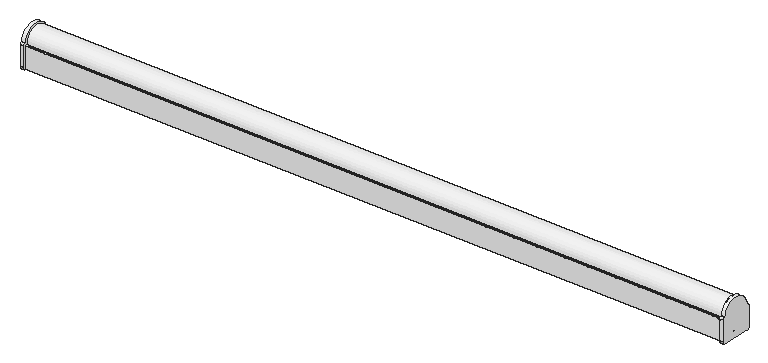
Revit family "0045175 Feilo Sylvania Lighting Fixture SYLBATTEN LED8 NW TP3", category Lighting Fixtures, host Face, Revit 2017
Family settings
  Host = Face
  Round Connector Dimension = Use Diameter
  Part Type = Normal
  OmniClass Number = 23.80.70.00
  OmniClass Title = Lighting
  Cut with Voids When Loaded = No
  Light Source = Yes
  Shared = No
  Room Calculation Point = No
Parameters (values of type "0045175 SYLBATTEN LED8 NW TP3")
  Width_FEILO = 66 mm
  Weight = "3.07 kg"
  Wattage Comments = "n/a"
  Wattage = 79 W
  WarrantyStartDate [instance] = "n/a"
  WarrantyGuarantorParts = "n/a"
  WarrantyDurationUnit = "n/a"
  WarrantyDurationParts = "n/a"
  WarrantyDescription = "n/a"
  built-in parameter 1150110 = 1 (stored number, unit not read)
  Voltage = 230 V
  URL = "http://www.sylvania-lighting.com"
  TypeName = "SYLBATTEN LED8 NW TP3"
  Type Image = <None>
  Type Comments = "n/a"
  built-in parameter 1114217 = 1 (stored number, unit not read)
  Tilt Angle = -90.00°
  built-in parameter 1150109 = 1 (stored number, unit not read)
  built-in parameter 1150134 = 12
  SymReflector_FEILO = no
  built-in parameter 1150113 = 1 (stored number, unit not read)
  SerialNumber [instance] = "n/a"
  PowerFactor = 0
  PowerConsumption = "79 W"
  Photometric Web File = "0045175.ies"
  NominalLength = 1505 mm
  NominalHeight = 76 mm
  NominalDepth = 66 mm
  Name = "SYLBATTEN LED8 NW TP3"
  ModelReference = Name  # "SYLBATTEN LED8 NW TP3"
  ModelNumber = "0045175"
  Model = Name  # "SYLBATTEN LED8 NW TP3"
  Material_4_FEILO = Reflector-Sylvania-Sylbatten-White
  Material_3_FEILO = Diffuser-Sylvania-Sylbatten-Glow
  Material_2_FEILO = Body-Sylvania-Sylbatten-White
  Material_1_FEILO = Body-Sylvania-Sylbatten-White
  Material = "sheet steel housing, polycarbonate diffuser"
  ManufacturerName = "Feilo Sylvania"
  Manufacturer = "Feilo Sylvania"
  LuminousEfficacy = "105.6 lm/W"
  built-in parameter 1150105 = 664.31 (stored number, unit not read)
  Lumens = 8347.93 lm
  LuminaireType = ""
  built-in parameter 1150115 = 1 (stored number, unit not read)
  LightOutputRatio = "100"
  built-in parameter 1150137 = (empty or 0)
  built-in parameter 1150139 = (empty or 0)
  Length_FEILO = 1505 mm
  LampsType = Lamp  # "LED"
  LampNominalLuminous = "8348 lm"
  LampMacAdamStep = "n/a"
  LampColourTemperature = "4000 K"
  LampColourRenderingIndex = "80"
  built-in parameter 1150112 = 1 (stored number, unit not read)
  built-in parameter 1150114 = 1 (stored number, unit not read)
  Lamp = "LED"
  Keynote = "16500"
  InstallationDate [instance] = "n/a"
  InputVoltage = "220-240V~"
  InputNominalFrequency = "n/a"
  built-in parameter 1150132 = (empty or 0)
  built-in parameter 1150102 = (empty or 0)
  built-in parameter 1150107 = 4000 (stored number, unit not read)
  built-in parameter 1150138 = (empty or 0)
  IngressProtection = "IP20"
  ImpactProtectionIndex = "IK07"
  built-in parameter 1150106 = 6.6431 (stored number, unit not read)
  IfcExportType = "IfcLightFixtureType"
  IfcExportAs = "IfcLightFixtureType"
  Height_FEILO = 76 mm
  ExpectedLife = 50000
  Emit from Rectangle Width = Length_FEILO - 16 mm  # 1489 mm
  Emit from Rectangle Length = Width_FEILO - 40 mm  # 26 mm
  Emit Shape Visible in Rendering = no
  ElectricShockClassification = "Class I"
  built-in parameter 1150104 = 9.8171 (stored number, unit not read)
  DurationUnit = "hours"
  DocumentationLiterature = "http://www.sylvania-lighting.com/product/en-int/products/0045175"
  DimmingControlOptions = "n/a"
  Dimming Lamp Color Temperature Shift = <None>
  Description = "LED batten, T8 replacement, ease of installation through 2 part push-in design of the housing (safety cable included), through wiring capability (TP3 = 3 core), sheet steel, 8348M, 79W, 106lm/W, 4000K, drive current: 450mA, CRI 80, 138° wide beam angle, electronic driver (non dimmable), IP20, IK07, 50,000 hrs (L70), (LxWxH) 1505x66x76mm, 5 step MacAdam ellipse, 3.7kg, white RAL9016, Class 1, 220-240V, energy class: A++, A+, A."
  Default Elevation = 1219.2 mm
  CreatedOn = "1/25/2018"
  CreatedBy = ""
  Cost = 0
  Color Filter = 16777215
  built-in parameter 1114216 [instance] = (empty or 0)
  ClassificationValue = "EF_70_80"
  ClassificationName = "Uniclass2015"
  CapOffset_FEILO = 2 mm
  BarCode [instance] = "n/a"
  built-in parameter 1114218 = 1 (stored number, unit not read)
  BackReflector_FEILO = and(not(AsymReflector_FEILO), SymReflector_FEILO)  # no
  built-in parameter 1150133 = 10 (stored number, unit not read)
  FrontReflector_FEILO = or(AsymReflector_FEILO, SymReflector_FEILO)  # no
  AsymReflector_FEILO = no
  AssetType = "Fixed"
  AssetIdentifier [instance] = "n/a"
  Assembly Code = "D5020200"
  Apparent Load = 79 VA
Reference planes
  plane 1 "Center (Front/Back)": y = 0
  plane 2: z = 0
  plane 3 "Center (Left/Right)": x = 0
  plane 4: x = 752.5
  plane 5: x = -752.5
  plane 6: y = 33
  plane 7: y = -33
  plane 8: z = 76
  plane 9: z = 47
  plane 10: y = -29
  plane 11: y = 29
  plane 12: z = 20
  plane 13: z = 74
  plane 14: y = -31
  plane 15: y = -27
  plane 16: y = 27
  plane 17: y = 31
  plane 18: z = 2
  plane 19: x = -744.5
  plane 20: x = 744.5
  plane 21: z = 49
  plane 22: y = 1
  plane 23: y = -1
  plane 24: z = 21
  plane 25: z = 19
  plane 26: y = -61
  plane 27: y = 61
  plane 28: y = -56
  plane 29: y = 56
  plane 30: z = 91
  plane 31: z = 88
Forms (mm)
  Extrusion 1, solid, material "Body-Sylvania-Sylbatten-White" <- "Material_2_FEILO"
    sketch origin (0, 0, 0) x (0, 1, 0) y (0, 0, 1)
      loop
        line (-31, 2) -> (31, 2) -> (31, 45)
        arc (31, 45) -> (30.414, 46.414) -> (29, 47) r 2
        line (29, 47) -> (27, 47)
        arc (27, 47) -> (0, 74) -> (-27, 47) r 27
        line (-27, 47) -> (-29, 47)
        arc (-29, 47) -> (-30.414, 46.414) -> (-31, 45) r 2
        line (-31, 45) -> (-31, 2)
    from -744.5 to 744.5
  Extrusion 2, solid, material "Body-Sylvania-Sylbatten-White" <- "Material_2_FEILO"
    sketch origin (752.5, 1524, 1219.2) x (0, 1, 0) y (0, 0, 1)
      loop
        arc (-1494, -1219.2) -> (-1491.879, -1218.321) -> (-1491, -1216.2) r 3
        line (-1491, -1216.2) -> (-1491, -1173.2)
        arc (-1491, -1173.2) -> (-1491.879, -1171.079) -> (-1494, -1170.2) r 3
        line (-1494, -1170.2) -> (-1495.069, -1170.2)
        arc (-1495.069, -1170.2) -> (-1524, -1143.2) -> (-1552.931, -1170.2) r 29
        line (-1552.931, -1170.2) -> (-1554, -1170.2)
        arc (-1554, -1170.2) -> (-1556.121, -1171.079) -> (-1557, -1173.2) r 3
        line (-1557, -1173.2) -> (-1557, -1216.2)
        arc (-1557, -1216.2) -> (-1556.121, -1218.321) -> (-1554, -1219.2) r 3
        line (-1554, -1219.2) -> (-1494, -1219.2)
      loop
        arc (-1525, -1189.25) -> (-1531.071, -1192.129) -> (-1533.95, -1198.2) r 10
        line (-1533.95, -1198.2) -> (-1532.944, -1198.2)
        arc (-1532.944, -1198.2) -> (-1530.364, -1192.836) -> (-1525, -1190.256) r 9
        line (-1525, -1190.256) -> (-1525, -1189.25)
      loop
        arc (-1523, -1190.256) -> (-1517.636, -1192.836) -> (-1515.056, -1198.2) r 9
        line (-1515.056, -1198.2) -> (-1514.05, -1198.2)
        arc (-1514.05, -1198.2) -> (-1516.929, -1192.129) -> (-1523, -1189.25) r 10
        line (-1523, -1189.25) -> (-1523, -1190.256)
      loop
        line (-1532.944, -1200.2) -> (-1533.95, -1200.2)
        arc (-1533.95, -1200.2) -> (-1531.071, -1206.271) -> (-1525, -1209.15) r 10
        line (-1525, -1209.15) -> (-1525, -1208.144)
        arc (-1525, -1208.144) -> (-1530.364, -1205.564) -> (-1532.944, -1200.2) r 9
      loop
        arc (-1515.056, -1200.2) -> (-1517.636, -1205.564) -> (-1523, -1208.144) r 9
        line (-1523, -1208.144) -> (-1523, -1209.15)
        arc (-1523, -1209.15) -> (-1516.929, -1206.271) -> (-1514.05, -1200.2) r 10
        line (-1514.05, -1200.2) -> (-1515.056, -1200.2)
    from 0 to -8
  Extrusion 3, solid, material "Body-Sylvania-Sylbatten-White" <- "Material_2_FEILO"
    sketch origin (-752.5, 1524, 1219.2) x (0, 1, 0) y (0, 0, 1)
      loop
        arc (-1495.069, -1170.2) -> (-1524, -1143.2) -> (-1552.931, -1170.2) r 29
        line (-1552.931, -1170.2) -> (-1554, -1170.2)
        arc (-1554, -1170.2) -> (-1556.121, -1171.079) -> (-1557, -1173.2) r 3
        line (-1557, -1173.2) -> (-1557, -1216.2)
        arc (-1557, -1216.2) -> (-1556.121, -1218.321) -> (-1554, -1219.2) r 3
        line (-1554, -1219.2) -> (-1494, -1219.2)
        arc (-1494, -1219.2) -> (-1491.879, -1218.321) -> (-1491, -1216.2) r 3
        line (-1491, -1216.2) -> (-1491, -1173.2)
        arc (-1491, -1173.2) -> (-1491.879, -1171.079) -> (-1494, -1170.2) r 3
        line (-1494, -1170.2) -> (-1495.069, -1170.2)
      loop
        line (-1533.95, -1198.2) -> (-1532.944, -1198.2)
        arc (-1532.944, -1198.2) -> (-1530.364, -1192.836) -> (-1525, -1190.256) r 9
        line (-1525, -1190.256) -> (-1525, -1189.25)
        arc (-1525, -1189.25) -> (-1531.071, -1192.129) -> (-1533.95, -1198.2) r 10
      loop
        line (-1523, -1189.25) -> (-1523, -1190.256)
        arc (-1523, -1190.256) -> (-1517.636, -1192.836) -> (-1515.056, -1198.2) r 9
        line (-1515.056, -1198.2) -> (-1514.05, -1198.2)
        arc (-1514.05, -1198.2) -> (-1516.929, -1192.129) -> (-1523, -1189.25) r 10
      loop
        line (-1514.05, -1200.2) -> (-1515.056, -1200.2)
        arc (-1515.056, -1200.2) -> (-1517.636, -1205.564) -> (-1523, -1208.144) r 9
        line (-1523, -1208.144) -> (-1523, -1209.15)
        arc (-1523, -1209.15) -> (-1516.929, -1206.271) -> (-1514.05, -1200.2) r 10
      loop
        line (-1525, -1209.15) -> (-1525, -1208.144)
        arc (-1525, -1208.144) -> (-1530.364, -1205.564) -> (-1532.944, -1200.2) r 9
        line (-1532.944, -1200.2) -> (-1533.95, -1200.2)
        arc (-1533.95, -1200.2) -> (-1531.071, -1206.271) -> (-1525, -1209.15) r 10
    from 0 to 8
  Extrusion 4, solid, material "Reflector-Sylvania-Sylbatten-White" <- "Material_4_FEILO", visible <- "FrontReflector_FEILO"
    sketch origin (0, 0, 0) x (0, 1, 0) y (0, 0, 1)
      loop
        line (-61.257, 88.429) -> (-60.743, 87.571) -> (-56.621, 90.044)
        arc (-56.621, 90.044) -> (-56.237, 90.099) -> (-55.929, 89.863) r 0.5
        line (-55.929, 89.863) -> (-31.435, 46.753) -> (-30.565, 47.247) -> (-55.312, 90.802)
        arc (-55.312, 90.802) -> (-55.928, 91.275) -> (-56.696, 91.165) r 1
        line (-56.696, 91.165) -> (-61.257, 88.429)
    from -744.5 to 744.5
  Extrusion 5, solid, material "Reflector-Sylvania-Sylbatten-White" <- "Material_4_FEILO", visible <- "BackReflector_FEILO"
    sketch origin (0, 0, 0) x (0, 1, 0) y (0, 0, 1)
      loop
        line (30.565, 47.247) -> (31.435, 46.753) -> (55.932, 89.868)
        arc (55.932, 89.868) -> (56.245, 90.112) -> (56.638, 90.062) r 0.518
        line (56.638, 90.062) -> (61.033, 87.565) -> (61.527, 88.435) -> (56.682, 91.188)
        arc (56.682, 91.188) -> (55.922, 91.282) -> (55.318, 90.812) r 1
        line (55.318, 90.812) -> (30.565, 47.247)
    from -744.5 to 744.5
Lines and regions (mm)
  reference lines
    curve 1: line (0, -61, 88) -> (0, -56, 91)
    curve 2: line (0, -56, 91) -> (0, -31, 47)
    curve 3: line (0, 31, 47) -> (0, 56, 91)
    curve 4: line (0, 56, 91) -> (0, 61.28, 88)
Dimensions and locks
  equal spacing: plane 5, plane 3 "Center (Left/Right)", plane 4
  equal spacing: plane 7, plane 1 "Center (Front/Back)", plane 6
  "Width_FEILO": plane 7 to plane 6
  "Length_FEILO": plane 5 to plane 4
  "Height_FEILO": plane 8 to plane 2
  locked: plane 9 to plane 8 at 29
  equal spacing: plane 10, plane 1 "Center (Front/Back)", plane 11
  locked: plane 7 to plane 10 at 4
  locked: plane 12 to plane 2 at 20
  "CapOffset_FEILO": plane 13 to plane 8
  "CapOffset_FEILO": plane 7 to plane 14
  "CapOffset_FEILO": plane 10 to plane 15
  "CapOffset_FEILO": plane 17 to plane 6
  "CapOffset_FEILO": plane 16 to plane 11
  "CapOffset_FEILO": plane 18 to plane 2
  locked: plane 14 to Extrusion 1 sketch curve at 2
  locked: Extrusion 1 sketch curve to plane 9 at 2  (x2)
  locked: plane 16 to Extrusion 1 sketch curve at 2
  equal spacing: plane 19, plane 3 "Center (Left/Right)", plane 20
  locked: plane 5 to plane 19 at 8
  "CapOffset_FEILO": plane 9 to plane 21
  locked: Extrusion 2 sketch curve to plane 2 at 47
  locked: Extrusion 1 sketch curve to plane 2 at 47
  locked: Extrusion 2 sketch curve to plane 2 at 3  (x2)
  locked: plane 7 to Extrusion 2 sketch curve at 3  (x2)
  locked: Extrusion 2 sketch curve to plane 6 at 3  (x2)
  locked: Extrusion 2 sketch curve to plane 21 at 3  (x2)
  equal spacing: plane 23, plane 1 "Center (Front/Back)", plane 22
  equal spacing: plane 25, plane 12, plane 24
  plane 30 to plane 31 to plane 2 = 3 mm locked, 88 mm locked
  plane 28 to plane 29 = 112 mm
  plane 26 to plane 27 = 122 mm
  aligned and locked: plane 2 to host face
  aligned and locked: level to host face
  aligned and locked: plane 18 to Extrusion 1 sketch curve
  aligned and locked: plane 14 to Extrusion 1 sketch curve
  aligned and locked: Extrusion 1 sketch curve to plane 9  (x2)
  aligned and locked: Extrusion 1 sketch curve to plane 17
  aligned and locked: plane 15 to Extrusion 1 sketch curve
  aligned and locked: plane 16 to Extrusion 1 sketch curve
  aligned and locked: plane 9 to Extrusion 1 sketch curve
  aligned and locked: plane 20 to Extrusion 1
  aligned and locked: level to Extrusion 2 sketch curve
  aligned and locked: Extrusion 2 sketch curve to plane 7
  aligned and locked: plane 21 to Extrusion 2 sketch curve
  aligned and locked: Extrusion 2 sketch curve to plane 21
  aligned and locked: plane 1 "Center (Front/Back)" to Extrusion 2 sketch curve  (x3)
  aligned and locked: Extrusion 2 to Extrusion 1
  aligned and locked: plane 4 to Extrusion 2
  aligned and locked: plane 12 to Extrusion 2 sketch curve  (x2)
  aligned and locked: Extrusion 2 sketch curve to plane 22
  aligned and locked: Extrusion 2 sketch curve to plane 23
  aligned and locked: Extrusion 2 sketch curve to plane 24
  aligned and locked: Extrusion 2 sketch curve to plane 25
  aligned and locked: plane 25 to Extrusion 2 sketch curve
  aligned and locked: plane 22 to Extrusion 2 sketch curve
  aligned and locked: plane 24 to Extrusion 2 sketch curve
  aligned and locked: plane 23 to Extrusion 2 sketch curve  (x2)
  aligned and locked: Extrusion 3 sketch curve to Extrusion 2  (x22)
  aligned and locked: Extrusion 3 to Extrusion 1
  aligned and locked: Extrusion 3 to plane 5
  aligned and locked: plane 19 to Extrusion 3
  aligned and locked: plane 31 to curve 1
  aligned and locked: plane 30 to curve 1
  aligned and locked: plane 14 to curve 2
  aligned and locked: plane 9 to curve 2
  aligned and locked: plane 17 to curve 3
  aligned and locked: plane 30 to curve 3
  aligned and locked: plane 31 to curve 4
  aligned and locked: Extrusion 4 sketch curve to curve 2
  aligned and locked: Extrusion 4 sketch curve to curve 1
  aligned and locked: Extrusion 4 to Extrusion 1
  aligned and locked: Extrusion 1 to Extrusion 4
  aligned and locked: imposter light to plane 1 "Center (Front/Back)"
  aligned and locked: imposter light to plane 3 "Center (Left/Right)"
  aligned and locked: imposter light to plane 13
  aligned and locked: Extrusion 5 sketch curve to curve 4
  aligned and locked: Extrusion 5 sketch curve to curve 3
  aligned and locked: Extrusion 1 to Extrusion 5
  aligned and locked: Extrusion 5 to Extrusion 1
Automatic sketch dimensions
  host sketch curve to host sketch curve = 2438.4 mm  (x2)
  Extrusion 2 sketch curve to Extrusion 2 sketch curve = 0 mm  (x14)
  Extrusion 2 sketch curve to plane 10 = 0.069 mm
  plane 23 to Extrusion 2 sketch curve = 8.95 mm
  Extrusion 2 sketch curve to Extrusion 2 sketch curve = 1.006 mm  (x4)
  Extrusion 2 sketch curve to plane 22 = 7.944 mm
  curve 1 to plane 26 = 0 mm
  curve 2 to plane 28 = 0 mm
  curve 4 to plane 29 = 0 mm
  plane 9 to curve 3 = 0 mm
  plane 26 to Extrusion 4 sketch curve = 0.257 mm
  Extrusion 4 sketch curve to plane 26 = 0.257 mm
  Extrusion 4 sketch curve to plane 30 = 0.165 mm
  plane 28 to Extrusion 4 sketch curve = 0.696 mm
  plane 28 to Extrusion 4 sketch curve = 0.621 mm
  plane 28 to Extrusion 4 sketch curve = 0.364 mm
  plane 28 to Extrusion 4 sketch curve = 0.182 mm
  Extrusion 4 sketch curve to plane 28 = 0.071 mm
  plane 30 to Extrusion 4 sketch curve = 0.198 mm
  Extrusion 4 sketch curve to plane 28 = 0.688 mm
  plane 9 to Extrusion 4 sketch curve = 0.247 mm
  plane 1 "Center (Front/Back)" to Extrusion 4 sketch curve = 31.435 mm
  Extrusion 5 sketch curve to plane 9 = 0.247 mm
  Extrusion 5 sketch curve to plane 1 "Center (Front/Back)" = 30.565 mm
  plane 9 to Extrusion 5 sketch curve = 0.247 mm
  plane 30 to Extrusion 5 sketch curve = 0.188 mm
  plane 29 to Extrusion 5 sketch curve = 0.068 mm
  Extrusion 5 sketch curve to plane 29 = 0.188 mm
  Extrusion 5 sketch curve to plane 29 = 0.382 mm
  Extrusion 5 sketch curve to Extrusion 5 sketch curve = 0.256 mm
  Extrusion 5 sketch curve to plane 30 = 0.188 mm
  Extrusion 5 sketch curve to plane 29 = 0.682 mm
  Extrusion 5 sketch curve to plane 27 = 0.033 mm
  Extrusion 5 sketch curve to plane 27 = 0.527 mm
Connectors
  electrical at (0, 0, 0), driven by "Apparent Load", driven by "PowerFactor", driven by "Voltage"
    settings: index 1, voltage 230 V, apparent load 79 VA, apparent load phase1 0 VA, apparent load phase2 0 VA, apparent load phase3 0 VA, power factor 0, load classification "Lighting", number of poles 1, system type 30, power factor state 1, is connector primary yes, connector utility no, sub classification motor no, connector description ""
